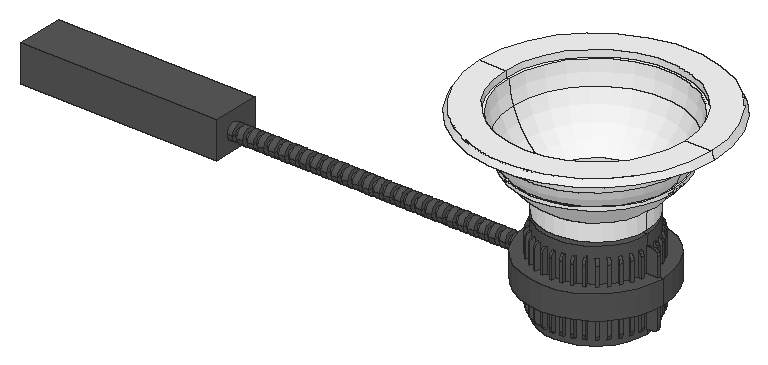
Revit family "LBRP-6RD", category Lighting Fixtures, host Face, Revit 2021
Family settings
  Host = Face
  Round Connector Dimension = Use Diameter
  Part Type = Normal
  OmniClass Number = 23.80.70.11.14.17
  OmniClass Title = Direct/Indirect
  Cut with Voids When Loaded = No
  Light Source = Yes
  Shared = Yes
  Room Calculation Point = No
Parameters (values of type "LBRP-6RD")
  Heat Sink = Black
  A = 5.65"
  Wattage = 31.6 W
  Warranty = "5-Years Warranty"
  built-in parameter 1150110 = 1 (stored number, unit not read)
  Voltage = 120 V
  D = 5.85"
  C = 0.20"
  built-in parameter 1114217 = 1 (stored number, unit not read)
  Tilt Angle = -90.00°
  built-in parameter 1150109 = 1 (stored number, unit not read)
  built-in parameter 1150134 = (empty or 0)
  built-in parameter 1150113 = 1 (stored number, unit not read)
  Product Documentation Link = ""
  Power Factor = 0.9
  Photometric Web Link = ""
  Photometric Web File = "LBRP-M-LSHL30K9_LBRP-6RD-T-D_3000lm.IES"
  Photometric Notes = "More IES files download on Photometric Web Link"  # constant formula
  zz Length 1 = 48.00"
  Wattage Comments = " 9.6 - 55 W"  # constant formula
  URL = "https://www.currentlighting.com/prescolite"
  Product Page URL = ""
  Model = "LBRP"  # constant formula
  Manufacturer = "Prescolite Lighting"  # constant formula
  built-in parameter 1150105 = 251.46 (stored number, unit not read)
  Lumens = 3160 lm
  built-in parameter 1150115 = 1 (stored number, unit not read)
  Load Classification = Lighting
  built-in parameter 1150137 = (empty or 0)
  built-in parameter 1150139 = (empty or 0)
  built-in parameter 1150112 = 1 (stored number, unit not read)
  built-in parameter 1150114 = 1 (stored number, unit not read)
  Lamp = "LED's"  # constant formula
  built-in parameter 1150132 = (empty or 0)
  built-in parameter 1150102 = (empty or 0)
  built-in parameter 1150107 = 3500 (stored number, unit not read)
  built-in parameter 1150138 = (empty or 0)
  built-in parameter 1150106 = 2.5146 (stored number, unit not read)
  Glass = White Glass
  Emit from Circle Diameter = 6.00"
  Emit Shape Visible in Rendering = no
  built-in parameter 1150104 = 9.2903 (stored number, unit not read)
  Dimming Lamp Color Temperature Shift = <None>
  Description = "PRO CANLESS DIRECT INSTALL DOWNLIGHT\r"  # constant formula
  Default Elevation = 48.00"
  Contact Us = ""
  Color Filter = 16777215
  built-in parameter 1114218 = 1 (stored number, unit not read)
  Housing Material = Paint - Matte White
  B = 7.50"
  built-in parameter 1150133 = 10 (stored number, unit not read)
  Assembly Code = "D5020200"
  Apparent Load = 11.5 VA
Reference planes (in)
  plane 1 "Center (Front/Back)": y = 13.01342
  plane 2: z = 0
  plane 3 "Center (Left/Right)": x = 0
  plane 4: z = 0.2
  plane 5: z = -5.65
  plane 6: x = 3.75
  plane 7: x = -3.75
  plane 8: x = -2.825
  plane 9: x = 2.825
Forms (in)
  Revolve 1, solid, material "Paint - Matte White" <- "Housing Material"
    sketch origin (0, 13.01342, 0) x (1, 0, 0) y (0, 0, 1)
      loop
        arc (2.73317, 0) -> (2.69501, -0.35822) -> (2.60787, -0.70778) r 2.60995
        arc (2.60787, -0.70778) -> (2.18439, -1.50664) -> (1.51374, -2.11307) r 2.60995
        line (1.51374, -2.11307) -> (1.51374, -2.63015) -> (1.26374, -2.63015) -> (1.26374, -2.74731) -> (0, -2.74731) -> (0, -2.86447) -> (1.36374, -2.86447) -> (1.36374, -2.73015) -> (1.61374, -2.73015) -> (1.61374, -2.1989)
        arc (1.61374, -2.1989) -> (2.05436, -1.83752) -> (2.40966, -1.39198) r 2.70995
        line (2.40966, -1.39198) -> (2.45678, -1.39198) -> (2.45678, -1.2841) -> (2.40063, -1.2841)
        arc (2.40063, -1.2841) -> (2.57819, -1.02597) -> (2.703, -0.73861) r 1.62762
        arc (2.703, -0.73861) -> (2.7938, -0.37383) -> (2.83324, 0) r 2.70995
        line (2.83324, 0) -> (2.73317, 0)
      axis (0, 0) -> (0, -2.86447)
    angle from 0 to 360
  Revolve 2, solid, material "Paint - Matte White" <- "Housing Material"
    sketch origin (0, 13.01342, 0) x (1, 0, 0) y (0, 0, 1)
      loop
        line (2.825, 0.2) -> (2.825, 0) -> (3.75, 0) -> (3.65674, 0.2) -> (2.825, 0.2)
      axis (0, 0.2) -> (0, 0)
    angle from 0 to 360
  Revolve 3, solid, material "Black" <- "Heat Sink"
    sketch origin (0, 13.01342, 0) x (1, 0, 0) y (0, 0, 1)
      loop
        line (1.63083, -2.84783) -> (0.86374, -2.84783) -> (0, -2.84783) -> (0, -5.65) -> (1.63083, -5.65) -> (1.63083, -4.66486) -> (2.13083, -4.66486) -> (2.13083, -3.91486) -> (1.63083, -3.91486) -> (1.63083, -2.84783)
      axis (0, -2.84783) -> (0, -5.65)
    angle from 0 to 360
  Extrusion 4, solid, material "Black" <- "Heat Sink"
    sketch origin (-0.5, 13.01342, 0) x (1, 0, 0) y (0, 0, 1)
      loop
        line (2.13083, -3.91486) -> (2.50583, -3.91486) -> (2.50583, -3.32939)
        arc (2.50583, -3.32939) -> (2.45764, -3.21305) -> (2.3413, -3.16486) r 0.16453
        line (2.3413, -3.16486) -> (2.13083, -3.16486) -> (2.13083, -3.91486)
      loop
        line (2.13083, -4.66434) -> (2.13083, -5.47684) -> (2.3413, -5.47684)
        arc (2.3413, -5.47684) -> (2.45764, -5.42865) -> (2.50583, -5.31231) r 0.16453
        line (2.50583, -5.31231) -> (2.50583, -4.66434) -> (2.13083, -4.66434)
    from -0.0248 to 0.04965
  Extrusion 5, solid, material "Black" <- "Heat Sink"
    sketch origin (0, 13.01342, 0) x (0.984808, -0.173648, 0) y (0, 0, 1)
      loop
        line (1.38083, -3.91486) -> (1.75583, -3.91486) -> (1.75583, -3.32939)
        arc (1.75583, -3.32939) -> (1.70764, -3.21305) -> (1.5913, -3.16486) r 0.16453
        line (1.5913, -3.16486) -> (1.38083, -3.16486) -> (1.38083, -3.91486)
      loop
        line (1.38083, -4.66434) -> (1.38083, -5.47684) -> (1.5913, -5.47684)
        arc (1.5913, -5.47684) -> (1.70764, -5.42865) -> (1.75583, -5.31231) r 0.16453
        line (1.75583, -5.31231) -> (1.75583, -4.66434) -> (1.38083, -4.66434)
    from -0.0248 to 0.04965
  Extrusion 6, solid, material "Black" <- "Heat Sink"
    sketch origin (0, 13.01342, 0) x (0.939693, -0.34202, 0) y (0, 0, 1)
      loop
        line (1.38083, -3.91486) -> (1.75583, -3.91486) -> (1.75583, -3.32939)
        arc (1.75583, -3.32939) -> (1.70764, -3.21305) -> (1.5913, -3.16486) r 0.16453
        line (1.5913, -3.16486) -> (1.38083, -3.16486) -> (1.38083, -3.91486)
      loop
        line (1.38083, -4.66434) -> (1.38083, -5.47684) -> (1.5913, -5.47684)
        arc (1.5913, -5.47684) -> (1.70764, -5.42865) -> (1.75583, -5.31231) r 0.16453
        line (1.75583, -5.31231) -> (1.75583, -4.66434) -> (1.38083, -4.66434)
    from -0.0248 to 0.04965
  Extrusion 7, solid, material "Black" <- "Heat Sink"
    sketch origin (0, 13.01342, 0) x (0.866025, -0.5, 0) y (0, 0, 1)
      loop
        line (1.38083, -3.91486) -> (1.75583, -3.91486) -> (1.75583, -3.32939)
        arc (1.75583, -3.32939) -> (1.70764, -3.21305) -> (1.5913, -3.16486) r 0.16453
        line (1.5913, -3.16486) -> (1.38083, -3.16486) -> (1.38083, -3.91486)
      loop
        line (1.38083, -4.66434) -> (1.38083, -5.47684) -> (1.5913, -5.47684)
        arc (1.5913, -5.47684) -> (1.70764, -5.42865) -> (1.75583, -5.31231) r 0.16453
        line (1.75583, -5.31231) -> (1.75583, -4.66434) -> (1.38083, -4.66434)
    from -0.0248 to 0.04965
  Extrusion 8, solid, material "Black" <- "Heat Sink"
    sketch origin (0, 13.01342, 0) x (0.766044, -0.642788, 0) y (0, 0, 1)
      loop
        line (1.38083, -3.91486) -> (1.75583, -3.91486) -> (1.75583, -3.32939)
        arc (1.75583, -3.32939) -> (1.70764, -3.21305) -> (1.5913, -3.16486) r 0.16453
        line (1.5913, -3.16486) -> (1.38083, -3.16486) -> (1.38083, -3.91486)
      loop
        line (1.38083, -4.66434) -> (1.38083, -5.47684) -> (1.5913, -5.47684)
        arc (1.5913, -5.47684) -> (1.70764, -5.42865) -> (1.75583, -5.31231) r 0.16453
        line (1.75583, -5.31231) -> (1.75583, -4.66434) -> (1.38083, -4.66434)
    from -0.0248 to 0.04965
  Extrusion 9, solid, material "Black" <- "Heat Sink"
    sketch origin (0, 13.01342, 0) x (0.642788, -0.766044, 0) y (0, 0, 1)
      loop
        line (1.38083, -3.91486) -> (1.75583, -3.91486) -> (1.75583, -3.32939)
        arc (1.75583, -3.32939) -> (1.70764, -3.21305) -> (1.5913, -3.16486) r 0.16453
        line (1.5913, -3.16486) -> (1.38083, -3.16486) -> (1.38083, -3.91486)
      loop
        line (1.38083, -4.66434) -> (1.38083, -5.47684) -> (1.5913, -5.47684)
        arc (1.5913, -5.47684) -> (1.70764, -5.42865) -> (1.75583, -5.31231) r 0.16453
        line (1.75583, -5.31231) -> (1.75583, -4.66434) -> (1.38083, -4.66434)
    from -0.0248 to 0.04965
  Extrusion 10, solid, material "Black" <- "Heat Sink"
    sketch origin (0, 13.01342, 0) x (0.5, -0.866025, 0) y (0, 0, 1)
      loop
        line (1.38083, -3.91486) -> (1.75583, -3.91486) -> (1.75583, -3.32939)
        arc (1.75583, -3.32939) -> (1.70764, -3.21305) -> (1.5913, -3.16486) r 0.16453
        line (1.5913, -3.16486) -> (1.38083, -3.16486) -> (1.38083, -3.91486)
      loop
        line (1.38083, -4.66434) -> (1.38083, -5.47684) -> (1.5913, -5.47684)
        arc (1.5913, -5.47684) -> (1.70764, -5.42865) -> (1.75583, -5.31231) r 0.16453
        line (1.75583, -5.31231) -> (1.75583, -4.66434) -> (1.38083, -4.66434)
    from -0.0248 to 0.04965
  Extrusion 11, solid, material "Black" <- "Heat Sink"
    sketch origin (0, 13.01342, 0) x (0.34202, -0.939693, 0) y (0, 0, 1)
      loop
        line (1.38083, -3.91486) -> (1.75583, -3.91486) -> (1.75583, -3.32939)
        arc (1.75583, -3.32939) -> (1.70764, -3.21305) -> (1.5913, -3.16486) r 0.16453
        line (1.5913, -3.16486) -> (1.38083, -3.16486) -> (1.38083, -3.91486)
      loop
        line (1.38083, -4.66434) -> (1.38083, -5.47684) -> (1.5913, -5.47684)
        arc (1.5913, -5.47684) -> (1.70764, -5.42865) -> (1.75583, -5.31231) r 0.16453
        line (1.75583, -5.31231) -> (1.75583, -4.66434) -> (1.38083, -4.66434)
    from -0.0248 to 0.04965
  Extrusion 12, solid, material "Black" <- "Heat Sink"
    sketch origin (0, 13.01342, 0) x (0.173648, -0.984808, 0) y (0, 0, 1)
      loop
        line (1.38083, -3.91486) -> (1.75583, -3.91486) -> (1.75583, -3.32939)
        arc (1.75583, -3.32939) -> (1.70764, -3.21305) -> (1.5913, -3.16486) r 0.16453
        line (1.5913, -3.16486) -> (1.38083, -3.16486) -> (1.38083, -3.91486)
      loop
        line (1.38083, -4.66434) -> (1.38083, -5.47684) -> (1.5913, -5.47684)
        arc (1.5913, -5.47684) -> (1.70764, -5.42865) -> (1.75583, -5.31231) r 0.16453
        line (1.75583, -5.31231) -> (1.75583, -4.66434) -> (1.38083, -4.66434)
    from -0.0248 to 0.04965
  Extrusion 13, solid, material "Black" <- "Heat Sink"
    sketch origin (0, 13.01342, 0) x (0, -1, 0) y (0, 0, 1)
      loop
        line (1.38083, -3.91486) -> (1.75583, -3.91486) -> (1.75583, -3.32939)
        arc (1.75583, -3.32939) -> (1.70764, -3.21305) -> (1.5913, -3.16486) r 0.16453
        line (1.5913, -3.16486) -> (1.38083, -3.16486) -> (1.38083, -3.91486)
      loop
        line (1.38083, -4.66434) -> (1.38083, -5.47684) -> (1.5913, -5.47684)
        arc (1.5913, -5.47684) -> (1.70764, -5.42865) -> (1.75583, -5.31231) r 0.16453
        line (1.75583, -5.31231) -> (1.75583, -4.66434) -> (1.38083, -4.66434)
    from -0.0248 to 0.04965
  Extrusion 14, solid, material "Black" <- "Heat Sink"
    sketch origin (0, 13.01342, 0) x (-0.173648, -0.984808, 0) y (0, 0, 1)
      loop
        line (1.38083, -3.91486) -> (1.75583, -3.91486) -> (1.75583, -3.32939)
        arc (1.75583, -3.32939) -> (1.70764, -3.21305) -> (1.5913, -3.16486) r 0.16453
        line (1.5913, -3.16486) -> (1.38083, -3.16486) -> (1.38083, -3.91486)
      loop
        line (1.38083, -4.66434) -> (1.38083, -5.47684) -> (1.5913, -5.47684)
        arc (1.5913, -5.47684) -> (1.70764, -5.42865) -> (1.75583, -5.31231) r 0.16453
        line (1.75583, -5.31231) -> (1.75583, -4.66434) -> (1.38083, -4.66434)
    from -0.0248 to 0.04965
  Extrusion 15, solid, material "Black" <- "Heat Sink"
    sketch origin (0, 13.01342, 0) x (-0.34202, -0.939693, 0) y (0, 0, 1)
      loop
        line (1.38083, -3.91486) -> (1.75583, -3.91486) -> (1.75583, -3.32939)
        arc (1.75583, -3.32939) -> (1.70764, -3.21305) -> (1.5913, -3.16486) r 0.16453
        line (1.5913, -3.16486) -> (1.38083, -3.16486) -> (1.38083, -3.91486)
      loop
        line (1.38083, -4.66434) -> (1.38083, -5.47684) -> (1.5913, -5.47684)
        arc (1.5913, -5.47684) -> (1.70764, -5.42865) -> (1.75583, -5.31231) r 0.16453
        line (1.75583, -5.31231) -> (1.75583, -4.66434) -> (1.38083, -4.66434)
    from -0.0248 to 0.04965
  Extrusion 16, solid, material "Black" <- "Heat Sink"
    sketch origin (0, 13.01342, 0) x (-0.5, -0.866025, 0) y (0, 0, 1)
      loop
        line (1.38083, -3.91486) -> (1.75583, -3.91486) -> (1.75583, -3.32939)
        arc (1.75583, -3.32939) -> (1.70764, -3.21305) -> (1.5913, -3.16486) r 0.16453
        line (1.5913, -3.16486) -> (1.38083, -3.16486) -> (1.38083, -3.91486)
      loop
        line (1.38083, -4.66434) -> (1.38083, -5.47684) -> (1.5913, -5.47684)
        arc (1.5913, -5.47684) -> (1.70764, -5.42865) -> (1.75583, -5.31231) r 0.16453
        line (1.75583, -5.31231) -> (1.75583, -4.66434) -> (1.38083, -4.66434)
    from -0.0248 to 0.04965
  Extrusion 17, solid, material "Black" <- "Heat Sink"
    sketch origin (0, 13.01342, 0) x (-0.642788, -0.766044, 0) y (0, 0, 1)
      loop
        line (1.38083, -3.91486) -> (1.75583, -3.91486) -> (1.75583, -3.32939)
        arc (1.75583, -3.32939) -> (1.70764, -3.21305) -> (1.5913, -3.16486) r 0.16453
        line (1.5913, -3.16486) -> (1.38083, -3.16486) -> (1.38083, -3.91486)
      loop
        line (1.38083, -4.66434) -> (1.38083, -5.47684) -> (1.5913, -5.47684)
        arc (1.5913, -5.47684) -> (1.70764, -5.42865) -> (1.75583, -5.31231) r 0.16453
        line (1.75583, -5.31231) -> (1.75583, -4.66434) -> (1.38083, -4.66434)
    from -0.0248 to 0.04965
  Extrusion 18, solid, material "Black" <- "Heat Sink"
    sketch origin (0, 13.01342, 0) x (-0.766044, -0.642788, 0) y (0, 0, 1)
      loop
        line (1.38083, -3.91486) -> (1.75583, -3.91486) -> (1.75583, -3.32939)
        arc (1.75583, -3.32939) -> (1.70764, -3.21305) -> (1.5913, -3.16486) r 0.16453
        line (1.5913, -3.16486) -> (1.38083, -3.16486) -> (1.38083, -3.91486)
      loop
        line (1.38083, -4.66434) -> (1.38083, -5.47684) -> (1.5913, -5.47684)
        arc (1.5913, -5.47684) -> (1.70764, -5.42865) -> (1.75583, -5.31231) r 0.16453
        line (1.75583, -5.31231) -> (1.75583, -4.66434) -> (1.38083, -4.66434)
    from -0.0248 to 0.04965
  Extrusion 19, solid, material "Black" <- "Heat Sink"
    sketch origin (0, 13.01342, 0) x (-0.866025, -0.5, 0) y (0, 0, 1)
      loop
        line (1.38083, -3.91486) -> (1.75583, -3.91486) -> (1.75583, -3.32939)
        arc (1.75583, -3.32939) -> (1.70764, -3.21305) -> (1.5913, -3.16486) r 0.16453
        line (1.5913, -3.16486) -> (1.38083, -3.16486) -> (1.38083, -3.91486)
      loop
        line (1.38083, -4.66434) -> (1.38083, -5.47684) -> (1.5913, -5.47684)
        arc (1.5913, -5.47684) -> (1.70764, -5.42865) -> (1.75583, -5.31231) r 0.16453
        line (1.75583, -5.31231) -> (1.75583, -4.66434) -> (1.38083, -4.66434)
    from -0.0248 to 0.04965
  Extrusion 20, solid, material "Black" <- "Heat Sink"
    sketch origin (0.5, 13.01342, 0) x (-1, 0, 0) y (0, 0, -1)
      loop
        line (2.13083, 3.91486) -> (2.13083, 3.16486) -> (2.3413, 3.16486)
        arc (2.3413, 3.16486) -> (2.45764, 3.21305) -> (2.50583, 3.32939) r 0.16453
        line (2.50583, 3.32939) -> (2.50583, 3.91486) -> (2.13083, 3.91486)
      loop
        line (2.13083, 4.66434) -> (2.50583, 4.66434) -> (2.50583, 5.31231)
        arc (2.50583, 5.31231) -> (2.45764, 5.42865) -> (2.3413, 5.47684) r 0.16453
        line (2.3413, 5.47684) -> (2.13083, 5.47684) -> (2.13083, 4.66434)
    from -0.0248 to 0.04965
  Extrusion 21, solid, material "Black" <- "Heat Sink"
    sketch origin (0, 13.01342, 0) x (-0.984808, -0.173648, 0) y (0, 0, -1)
      loop
        line (1.38083, 3.91486) -> (1.38083, 3.16486) -> (1.5913, 3.16486)
        arc (1.5913, 3.16486) -> (1.70764, 3.21305) -> (1.75583, 3.32939) r 0.16453
        line (1.75583, 3.32939) -> (1.75583, 3.91486) -> (1.38083, 3.91486)
      loop
        line (1.38083, 4.66434) -> (1.75583, 4.66434) -> (1.75583, 5.31231)
        arc (1.75583, 5.31231) -> (1.70764, 5.42865) -> (1.5913, 5.47684) r 0.16453
        line (1.5913, 5.47684) -> (1.38083, 5.47684) -> (1.38083, 4.66434)
    from -0.0248 to 0.04965
  Extrusion 22, solid, material "Black" <- "Heat Sink"
    sketch origin (0, 13.01342, 0) x (-0.939693, -0.34202, 0) y (0, 0, -1)
      loop
        line (1.38083, 3.91486) -> (1.38083, 3.16486) -> (1.5913, 3.16486)
        arc (1.5913, 3.16486) -> (1.70764, 3.21305) -> (1.75583, 3.32939) r 0.16453
        line (1.75583, 3.32939) -> (1.75583, 3.91486) -> (1.38083, 3.91486)
      loop
        line (1.38083, 4.66434) -> (1.75583, 4.66434) -> (1.75583, 5.31231)
        arc (1.75583, 5.31231) -> (1.70764, 5.42865) -> (1.5913, 5.47684) r 0.16453
        line (1.5913, 5.47684) -> (1.38083, 5.47684) -> (1.38083, 4.66434)
    from -0.0248 to 0.04965
  Extrusion 23, solid, material "Black" <- "Heat Sink"
    sketch origin (0, 13.01342, 0) x (0.984808, 0.173648, 0) y (0, 0, -1)
      loop
        line (1.38083, 3.91486) -> (1.38083, 3.16486) -> (1.5913, 3.16486)
        arc (1.5913, 3.16486) -> (1.70764, 3.21305) -> (1.75583, 3.32939) r 0.16453
        line (1.75583, 3.32939) -> (1.75583, 3.91486) -> (1.38083, 3.91486)
      loop
        line (1.38083, 4.66434) -> (1.75583, 4.66434) -> (1.75583, 5.31231)
        arc (1.75583, 5.31231) -> (1.70764, 5.42865) -> (1.5913, 5.47684) r 0.16453
        line (1.5913, 5.47684) -> (1.38083, 5.47684) -> (1.38083, 4.66434)
    from -0.0248 to 0.04965
  Extrusion 24, solid, material "Black" <- "Heat Sink"
    sketch origin (0, 13.01342, 0) x (0.939693, 0.34202, 0) y (0, 0, -1)
      loop
        line (1.38083, 3.91486) -> (1.38083, 3.16486) -> (1.5913, 3.16486)
        arc (1.5913, 3.16486) -> (1.70764, 3.21305) -> (1.75583, 3.32939) r 0.16453
        line (1.75583, 3.32939) -> (1.75583, 3.91486) -> (1.38083, 3.91486)
      loop
        line (1.38083, 4.66434) -> (1.75583, 4.66434) -> (1.75583, 5.31231)
        arc (1.75583, 5.31231) -> (1.70764, 5.42865) -> (1.5913, 5.47684) r 0.16453
        line (1.5913, 5.47684) -> (1.38083, 5.47684) -> (1.38083, 4.66434)
    from -0.0248 to 0.04965
  Extrusion 25, solid, material "Black" <- "Heat Sink"
    sketch origin (0, 13.01342, 0) x (0.866025, 0.5, 0) y (0, 0, -1)
      loop
        line (1.38083, 3.91486) -> (1.38083, 3.16486) -> (1.5913, 3.16486)
        arc (1.5913, 3.16486) -> (1.70764, 3.21305) -> (1.75583, 3.32939) r 0.16453
        line (1.75583, 3.32939) -> (1.75583, 3.91486) -> (1.38083, 3.91486)
      loop
        line (1.38083, 4.66434) -> (1.75583, 4.66434) -> (1.75583, 5.31231)
        arc (1.75583, 5.31231) -> (1.70764, 5.42865) -> (1.5913, 5.47684) r 0.16453
        line (1.5913, 5.47684) -> (1.38083, 5.47684) -> (1.38083, 4.66434)
    from -0.0248 to 0.04965
  Extrusion 26, solid, material "Black" <- "Heat Sink"
    sketch origin (0, 13.01342, 0) x (0.766044, 0.642788, 0) y (0, 0, -1)
      loop
        line (1.38083, 3.91486) -> (1.38083, 3.16486) -> (1.5913, 3.16486)
        arc (1.5913, 3.16486) -> (1.70764, 3.21305) -> (1.75583, 3.32939) r 0.16453
        line (1.75583, 3.32939) -> (1.75583, 3.91486) -> (1.38083, 3.91486)
      loop
        line (1.38083, 4.66434) -> (1.75583, 4.66434) -> (1.75583, 5.31231)
        arc (1.75583, 5.31231) -> (1.70764, 5.42865) -> (1.5913, 5.47684) r 0.16453
        line (1.5913, 5.47684) -> (1.38083, 5.47684) -> (1.38083, 4.66434)
    from -0.0248 to 0.04965
  Extrusion 27, solid, material "Black" <- "Heat Sink"
    sketch origin (0, 13.01342, 0) x (0.642788, 0.766044, 0) y (0, 0, -1)
      loop
        line (1.38083, 3.91486) -> (1.38083, 3.16486) -> (1.5913, 3.16486)
        arc (1.5913, 3.16486) -> (1.70764, 3.21305) -> (1.75583, 3.32939) r 0.16453
        line (1.75583, 3.32939) -> (1.75583, 3.91486) -> (1.38083, 3.91486)
      loop
        line (1.38083, 4.66434) -> (1.75583, 4.66434) -> (1.75583, 5.31231)
        arc (1.75583, 5.31231) -> (1.70764, 5.42865) -> (1.5913, 5.47684) r 0.16453
        line (1.5913, 5.47684) -> (1.38083, 5.47684) -> (1.38083, 4.66434)
    from -0.0248 to 0.04965
  Extrusion 28, solid, material "Black" <- "Heat Sink"
    sketch origin (0, 13.01342, 0) x (0.5, 0.866025, 0) y (0, 0, -1)
      loop
        line (1.38083, 3.91486) -> (1.38083, 3.16486) -> (1.5913, 3.16486)
        arc (1.5913, 3.16486) -> (1.70764, 3.21305) -> (1.75583, 3.32939) r 0.16453
        line (1.75583, 3.32939) -> (1.75583, 3.91486) -> (1.38083, 3.91486)
      loop
        line (1.38083, 4.66434) -> (1.75583, 4.66434) -> (1.75583, 5.31231)
        arc (1.75583, 5.31231) -> (1.70764, 5.42865) -> (1.5913, 5.47684) r 0.16453
        line (1.5913, 5.47684) -> (1.38083, 5.47684) -> (1.38083, 4.66434)
    from -0.0248 to 0.04965
  Extrusion 29, solid, material "Black" <- "Heat Sink"
    sketch origin (0, 13.01342, 0) x (0.34202, 0.939693, 0) y (0, 0, -1)
      loop
        line (1.38083, 3.91486) -> (1.38083, 3.16486) -> (1.5913, 3.16486)
        arc (1.5913, 3.16486) -> (1.70764, 3.21305) -> (1.75583, 3.32939) r 0.16453
        line (1.75583, 3.32939) -> (1.75583, 3.91486) -> (1.38083, 3.91486)
      loop
        line (1.38083, 4.66434) -> (1.75583, 4.66434) -> (1.75583, 5.31231)
        arc (1.75583, 5.31231) -> (1.70764, 5.42865) -> (1.5913, 5.47684) r 0.16453
        line (1.5913, 5.47684) -> (1.38083, 5.47684) -> (1.38083, 4.66434)
    from -0.0248 to 0.04965
  Extrusion 30, solid, material "Black" <- "Heat Sink"
    sketch origin (0, 13.01342, 0) x (0.173648, 0.984808, 0) y (0, 0, -1)
      loop
        line (1.38083, 3.91486) -> (1.38083, 3.16486) -> (1.5913, 3.16486)
        arc (1.5913, 3.16486) -> (1.70764, 3.21305) -> (1.75583, 3.32939) r 0.16453
        line (1.75583, 3.32939) -> (1.75583, 3.91486) -> (1.38083, 3.91486)
      loop
        line (1.38083, 4.66434) -> (1.75583, 4.66434) -> (1.75583, 5.31231)
        arc (1.75583, 5.31231) -> (1.70764, 5.42865) -> (1.5913, 5.47684) r 0.16453
        line (1.5913, 5.47684) -> (1.38083, 5.47684) -> (1.38083, 4.66434)
    from -0.0248 to 0.04965
  Extrusion 31, solid, material "Black" <- "Heat Sink"
    sketch origin (0, 13.01342, 0) x (0, 1, 0) y (0, 0, -1)
      loop
        line (1.38083, 3.91486) -> (1.38083, 3.16486) -> (1.5913, 3.16486)
        arc (1.5913, 3.16486) -> (1.70764, 3.21305) -> (1.75583, 3.32939) r 0.16453
        line (1.75583, 3.32939) -> (1.75583, 3.91486) -> (1.38083, 3.91486)
      loop
        line (1.38083, 4.66434) -> (1.75583, 4.66434) -> (1.75583, 5.31231)
        arc (1.75583, 5.31231) -> (1.70764, 5.42865) -> (1.5913, 5.47684) r 0.16453
        line (1.5913, 5.47684) -> (1.38083, 5.47684) -> (1.38083, 4.66434)
    from -0.0248 to 0.04965
  Extrusion 32, solid, material "Black" <- "Heat Sink"
    sketch origin (0, 13.01342, 0) x (-0.173648, 0.984808, 0) y (0, 0, -1)
      loop
        line (1.38083, 3.91486) -> (1.38083, 3.16486) -> (1.5913, 3.16486)
        arc (1.5913, 3.16486) -> (1.70764, 3.21305) -> (1.75583, 3.32939) r 0.16453
        line (1.75583, 3.32939) -> (1.75583, 3.91486) -> (1.38083, 3.91486)
      loop
        line (1.38083, 4.66434) -> (1.75583, 4.66434) -> (1.75583, 5.31231)
        arc (1.75583, 5.31231) -> (1.70764, 5.42865) -> (1.5913, 5.47684) r 0.16453
        line (1.5913, 5.47684) -> (1.38083, 5.47684) -> (1.38083, 4.66434)
    from -0.0248 to 0.04965
  Extrusion 33, solid, material "Black" <- "Heat Sink"
    sketch origin (0, 13.01342, 0) x (-0.34202, 0.939693, 0) y (0, 0, -1)
      loop
        line (1.38083, 3.91486) -> (1.38083, 3.16486) -> (1.5913, 3.16486)
        arc (1.5913, 3.16486) -> (1.70764, 3.21305) -> (1.75583, 3.32939) r 0.16453
        line (1.75583, 3.32939) -> (1.75583, 3.91486) -> (1.38083, 3.91486)
      loop
        line (1.38083, 4.66434) -> (1.75583, 4.66434) -> (1.75583, 5.31231)
        arc (1.75583, 5.31231) -> (1.70764, 5.42865) -> (1.5913, 5.47684) r 0.16453
        line (1.5913, 5.47684) -> (1.38083, 5.47684) -> (1.38083, 4.66434)
    from -0.0248 to 0.04965
  Extrusion 34, solid, material "Black" <- "Heat Sink"
    sketch origin (0, 13.01342, 0) x (-0.5, 0.866025, 0) y (0, 0, -1)
      loop
        line (1.38083, 3.91486) -> (1.38083, 3.16486) -> (1.5913, 3.16486)
        arc (1.5913, 3.16486) -> (1.70764, 3.21305) -> (1.75583, 3.32939) r 0.16453
        line (1.75583, 3.32939) -> (1.75583, 3.91486) -> (1.38083, 3.91486)
      loop
        line (1.38083, 4.66434) -> (1.75583, 4.66434) -> (1.75583, 5.31231)
        arc (1.75583, 5.31231) -> (1.70764, 5.42865) -> (1.5913, 5.47684) r 0.16453
        line (1.5913, 5.47684) -> (1.38083, 5.47684) -> (1.38083, 4.66434)
    from -0.0248 to 0.04965
  Extrusion 35, solid, material "Black" <- "Heat Sink"
    sketch origin (0, 13.01342, 0) x (-0.642788, 0.766044, 0) y (0, 0, -1)
      loop
        line (1.38083, 3.91486) -> (1.38083, 3.16486) -> (1.5913, 3.16486)
        arc (1.5913, 3.16486) -> (1.70764, 3.21305) -> (1.75583, 3.32939) r 0.16453
        line (1.75583, 3.32939) -> (1.75583, 3.91486) -> (1.38083, 3.91486)
      loop
        line (1.38083, 4.66434) -> (1.75583, 4.66434) -> (1.75583, 5.31231)
        arc (1.75583, 5.31231) -> (1.70764, 5.42865) -> (1.5913, 5.47684) r 0.16453
        line (1.5913, 5.47684) -> (1.38083, 5.47684) -> (1.38083, 4.66434)
    from -0.0248 to 0.04965
  Extrusion 36, solid, material "Black" <- "Heat Sink"
    sketch origin (0, 13.01342, 0) x (-0.766044, 0.642788, 0) y (0, 0, -1)
      loop
        line (1.38083, 3.91486) -> (1.38083, 3.16486) -> (1.5913, 3.16486)
        arc (1.5913, 3.16486) -> (1.70764, 3.21305) -> (1.75583, 3.32939) r 0.16453
        line (1.75583, 3.32939) -> (1.75583, 3.91486) -> (1.38083, 3.91486)
      loop
        line (1.38083, 4.66434) -> (1.75583, 4.66434) -> (1.75583, 5.31231)
        arc (1.75583, 5.31231) -> (1.70764, 5.42865) -> (1.5913, 5.47684) r 0.16453
        line (1.5913, 5.47684) -> (1.38083, 5.47684) -> (1.38083, 4.66434)
    from -0.0248 to 0.04965
  Extrusion 37, solid, material "Black" <- "Heat Sink"
    sketch origin (0, 13.01342, 0) x (-0.866025, 0.5, 0) y (0, 0, -1)
      loop
        line (1.38083, 3.91486) -> (1.38083, 3.16486) -> (1.5913, 3.16486)
        arc (1.5913, 3.16486) -> (1.70764, 3.21305) -> (1.75583, 3.32939) r 0.16453
        line (1.75583, 3.32939) -> (1.75583, 3.91486) -> (1.38083, 3.91486)
      loop
        line (1.38083, 4.66434) -> (1.75583, 4.66434) -> (1.75583, 5.31231)
        arc (1.75583, 5.31231) -> (1.70764, 5.42865) -> (1.5913, 5.47684) r 0.16453
        line (1.5913, 5.47684) -> (1.38083, 5.47684) -> (1.38083, 4.66434)
    from -0.0248 to 0.04965
  Extrusion 38, solid, material "Black" <- "Heat Sink"
    sketch origin (0, 13.01342, 0) x (-0.984808, 0.173648, 0) y (0, 0, 1)
      loop
        line (1.38083, -3.91486) -> (1.75583, -3.91486) -> (1.75583, -3.32939)
        arc (1.75583, -3.32939) -> (1.70764, -3.21305) -> (1.5913, -3.16486) r 0.16453
        line (1.5913, -3.16486) -> (1.38083, -3.16486) -> (1.38083, -3.91486)
      loop
        line (1.38083, -4.66434) -> (1.38083, -5.47684) -> (1.5913, -5.47684)
        arc (1.5913, -5.47684) -> (1.70764, -5.42865) -> (1.75583, -5.31231) r 0.16453
        line (1.75583, -5.31231) -> (1.75583, -4.66434) -> (1.38083, -4.66434)
    from -0.0248 to 0.04965
  Extrusion 39, solid, material "Black" <- "Heat Sink"
    sketch origin (0, 13.01342, 0) x (-0.939693, 0.34202, 0) y (0, 0, 1)
      loop
        line (1.38083, -3.91486) -> (1.75583, -3.91486) -> (1.75583, -3.32939)
        arc (1.75583, -3.32939) -> (1.70764, -3.21305) -> (1.5913, -3.16486) r 0.16453
        line (1.5913, -3.16486) -> (1.38083, -3.16486) -> (1.38083, -3.91486)
      loop
        line (1.38083, -4.66434) -> (1.38083, -5.47684) -> (1.5913, -5.47684)
        arc (1.5913, -5.47684) -> (1.70764, -5.42865) -> (1.75583, -5.31231) r 0.16453
        line (1.75583, -5.31231) -> (1.75583, -4.66434) -> (1.38083, -4.66434)
    from -0.0248 to 0.04965
  Revolve 40, solid, material "Black" <- "Heat Sink"
    sketch origin (1.75, 0, -4.5) x (1, 0, 0) y (0, 1, 0)
      loop
        line (-13.15674, 13.01342) -> (-3.63494, 13.01342) -> (-3.63494, 13.16148) -> (-3.73144, 13.16148) -> (-3.73144, 13.26342) -> (-3.9192, 13.26342) -> (-3.9192, 13.16148) -> (-4.06136, 13.16148) -> (-4.06136, 13.26342) -> (-4.24911, 13.26342) -> (-4.24911, 13.16148) -> (-4.39127, 13.16148) -> (-4.39127, 13.26342) -> (-4.57902, 13.26342) -> (-4.57902, 13.16148) -> (-4.72118, 13.16148) -> (-4.72118, 13.26342) -> (-4.90894, 13.26342) -> (-4.90894, 13.16148) -> (-5.05109, 13.16148) -> (-5.05109, 13.26342) -> (-5.23885, 13.26342) -> (-5.23885, 13.16148) -> (-5.38101, 13.16148) -> (-5.38101, 13.26342) -> (-5.56876, 13.26342) -> (-5.56876, 13.16148) -> (-5.71092, 13.16148) -> (-5.71092, 13.26342) -> (-5.89867, 13.26342) -> (-5.89867, 13.16148) -> (-6.04083, 13.16148) -> (-6.04083, 13.26342) -> (-6.22859, 13.26342) -> (-6.22859, 13.16148) -> (-6.37074, 13.16148) -> (-6.37074, 13.26342) -> (-6.5585, 13.26342) -> (-6.5585, 13.16148) -> (-6.70065, 13.16148) -> (-6.70065, 13.26342) -> (-6.88841, 13.26342) -> (-6.88841, 13.16148) -> (-7.03057, 13.16148) -> (-7.03057, 13.26342) -> (-7.21832, 13.26342) -> (-7.21832, 13.16148) -> (-7.36048, 13.16148) -> (-7.36048, 13.26342) -> (-7.54823, 13.26342) -> (-7.54823, 13.16148) -> (-7.69039, 13.16148) -> (-7.69039, 13.26342) -> (-7.87815, 13.26342) -> (-7.87815, 13.16148) -> (-8.0203, 13.16148) -> (-8.0203, 13.26342) -> (-8.20806, 13.26342) -> (-8.20806, 13.16148) -> (-8.35021, 13.16148) -> (-8.35021, 13.26342) -> (-8.53797, 13.26342) -> (-8.53797, 13.16148) -> (-8.68013, 13.16148) -> (-8.68013, 13.26342) -> (-8.86788, 13.26342) -> (-8.86788, 13.16148) -> (-9.01004, 13.16148) -> (-9.01004, 13.26342) -> (-9.19779, 13.26342) -> (-9.19779, 13.16148) -> (-9.33995, 13.16148) -> (-9.33995, 13.26342) -> (-9.52771, 13.26342) -> (-9.52771, 13.16148) -> (-9.66986, 13.16148) -> (-9.66986, 13.26342) -> (-9.85762, 13.26342) -> (-9.85762, 13.16148) -> (-9.99977, 13.16148) -> (-9.99977, 13.26342) -> (-10.18753, 13.26342) -> (-10.18753, 13.16148) -> (-10.32969, 13.16148) -> (-10.32969, 13.26342) -> (-10.51744, 13.26342) -> (-10.51744, 13.16148) -> (-10.6596, 13.16148) -> (-10.6596, 13.26342) -> (-10.84735, 13.26342) -> (-10.84735, 13.16148) -> (-10.98951, 13.16148) -> (-10.98951, 13.26342) -> (-11.17727, 13.26342) -> (-11.17727, 13.16148) -> (-11.31942, 13.16148) -> (-11.31942, 13.26342) -> (-11.50718, 13.26342) -> (-11.50718, 13.16148) -> (-11.64933, 13.16148) -> (-11.64933, 13.26342) -> (-11.83709, 13.26342) -> (-11.83709, 13.16148) -> (-11.97925, 13.16148) -> (-11.97925, 13.26342) -> (-12.167, 13.26342) -> (-12.167, 13.16148) -> (-12.30916, 13.16148) -> (-12.30916, 13.26342) -> (-12.49691, 13.26342) -> (-12.49691, 13.16148) -> (-12.63907, 13.16148) -> (-12.63907, 13.26342) -> (-12.82683, 13.26342) -> (-12.82683, 13.16148) -> (-12.96898, 13.16148) -> (-12.96898, 13.26342) -> (-13.15674, 13.26342) -> (-13.15674, 13.01342)
      axis (-3.63494, 13.01342) -> (-13.15674, 13.01342)
    angle from 0 to 360
  Extrusion 41, solid, material "Black" <- "Heat Sink"
    sketch origin (1.80079, 0, -5.07) x (1, 0, 0) y (0, 1, 0)
      loop
        line (-13.20752, 13.86765) -> (-19.37752, 13.86765) -> (-19.37752, 12.36765) -> (-13.20752, 12.36765) -> (-13.20752, 13.86765)
    from 0 to 1.14
Dimensions and locks (in)
  "D": plane 4 to plane 5
  plane 4 to plane 2 = 0.20"
  equal spacing: plane 6, plane 3 "Center (Left/Right)", plane 7
  "B": plane 6 to plane 7
  equal spacing: plane 9, plane 3 "Center (Left/Right)", plane 8
  "A": plane 9 to plane 8
  aligned and locked: plane 2 to host face
  aligned and locked: level to host face
  aligned and locked: plane 3 "Center (Left/Right)" to imposter light
Automatic sketch dimensions
  host sketch curve to host sketch curve = 96.00"  (x2)
  Revolve 1 sketch curve to Revolve 1 sketch curve = 0.00"  (x9)
  Revolve 1 sketch curve to Revolve 1 sketch curve = 0.03125"  (x3)
  Revolve 1 sketch curve to plane 3 "Center (Left/Right)" = 0.00"
  plane 3 "Center (Left/Right)" to Revolve 1 sketch curve = 0.00"
  Revolve 1 sketch curve to level = 0.00"
  level to Revolve 1 sketch curve = 0.0655"
  plane 3 "Center (Left/Right)" to Revolve 1 sketch curve = 0.12502"
  Revolve 1 sketch curve to level = 0.23688"
  plane 3 "Center (Left/Right)" to Revolve 1 sketch curve = 1.15464"
  plane 3 "Center (Left/Right)" to Revolve 1 sketch curve = 1.26374"
  Revolve 1 sketch curve to Revolve 1 sketch curve = 0.10"  (x3)
  Revolve 1 sketch curve to Revolve 1 sketch curve = 0.25"
  Revolve 1 sketch curve to plane 9 = 0.41534"
  Revolve 1 sketch curve to Revolve 1 sketch curve = 0.00903"
  Revolve 1 sketch curve to Revolve 1 sketch curve = 0.05614"
  Revolve 1 sketch curve to plane 9 = 0.09183"
  Revolve 1 sketch curve to Revolve 1 sketch curve = 0.10007"
  Revolve 1 sketch curve to Revolve 1 sketch curve = 0.08584"
  Revolve 1 sketch curve to Revolve 1 sketch curve = 0.43125"
  Revolve 1 sketch curve to Revolve 1 sketch curve = 0.11716"
  Revolve 1 sketch curve to Revolve 1 sketch curve = 0.13432"
  Revolve 1 sketch curve to Revolve 1 sketch curve = 0.10788"
  Revolve 1 sketch curve to plane 9 = 0.21713"
  Revolve 1 sketch curve to plane 5 = 23.03"
  plane 4 to Revolve 1 sketch curve = 54.18668"
  plane 3 "Center (Left/Right)" to Revolve 2 sketch curve = 0.00"
  Revolve 2 sketch curve to plane 4 = 0.00"
  Revolve 2 sketch curve to plane 9 = 0.00"
  Revolve 2 sketch curve to level = 0.00"
  Revolve 2 sketch curve to plane 6 = 0.00"
  Revolve 2 sketch curve to plane 6 = 0.09326"
  Revolve 2 sketch curve to plane 5 = 19.15"
  plane 4 to Revolve 2 sketch curve = 55.32668"
  Revolve 3 sketch curve to plane 3 "Center (Left/Right)" = 0.00"  (x2)
  Revolve 3 sketch curve to plane 5 = 0.00"
  plane 3 "Center (Left/Right)" to Revolve 3 sketch curve = 0.86374"
  Revolve 3 sketch curve to plane 9 = 1.19417"  (x2)
  Revolve 3 sketch curve to plane 9 = 0.69417"
  Revolve 3 sketch curve to Revolve 3 sketch curve = 0.98514"
  Revolve 3 sketch curve to Revolve 3 sketch curve = 0.75"
  Revolve 3 sketch curve to Revolve 3 sketch curve = 1.06703"
  Revolve 3 sketch curve to plane 5 = 18.85"
  plane 4 to Revolve 3 sketch curve = 55.32668"
  Extrusion 4 sketch curve to plane 9 = 1.19417"  (x2)
  Extrusion 4 sketch curve to Extrusion 4 sketch curve = 0.21047"  (x2)
  Extrusion 4 sketch curve to Extrusion 4 sketch curve = 0.16453"
  Extrusion 4 sketch curve to plane 9 = 0.81917"
  plane 5 to Extrusion 4 sketch curve = 0.17316"
  Extrusion 4 sketch curve to Extrusion 4 sketch curve = 0.64797"
  Extrusion 4 sketch curve to Extrusion 4 sketch curve = 0.74948"
  Extrusion 4 sketch curve to Extrusion 4 sketch curve = 0.58547"
  plane 5 to Extrusion 5 sketch curve = 1.73514"
  Extrusion 5 sketch curve to Extrusion 5 sketch curve = 0.00"
  Extrusion 5 sketch curve to Extrusion 5 sketch curve = 0.21047"  (x2)
  Extrusion 5 sketch curve to Extrusion 5 sketch curve = 0.16453"
  Extrusion 5 sketch curve to Extrusion 5 sketch curve = 0.375"
  Extrusion 5 sketch curve to Extrusion 5 sketch curve = 0.74948"
  plane 5 to Extrusion 5 sketch curve = 0.33769"
  Extrusion 5 sketch curve to Extrusion 5 sketch curve = 0.58547"
  plane 5 to Extrusion 6 sketch curve = 1.73514"
  Extrusion 6 sketch curve to Extrusion 6 sketch curve = 0.00"
  Extrusion 6 sketch curve to Extrusion 6 sketch curve = 0.21047"  (x2)
  Extrusion 6 sketch curve to Extrusion 6 sketch curve = 0.16453"
  Extrusion 6 sketch curve to Extrusion 6 sketch curve = 0.375"
  Extrusion 6 sketch curve to Extrusion 6 sketch curve = 0.74948"
  plane 5 to Extrusion 6 sketch curve = 0.33769"
  Extrusion 6 sketch curve to Extrusion 6 sketch curve = 0.58547"
  plane 5 to Extrusion 7 sketch curve = 1.73514"
  Extrusion 7 sketch curve to Extrusion 7 sketch curve = 0.00"
  Extrusion 7 sketch curve to Extrusion 7 sketch curve = 0.21047"  (x2)
  Extrusion 7 sketch curve to Extrusion 7 sketch curve = 0.16453"
  Extrusion 7 sketch curve to Extrusion 7 sketch curve = 0.375"
  Extrusion 7 sketch curve to Extrusion 7 sketch curve = 0.74948"
  plane 5 to Extrusion 7 sketch curve = 0.33769"
  Extrusion 7 sketch curve to Extrusion 7 sketch curve = 0.58547"
  plane 5 to Extrusion 8 sketch curve = 1.73514"
  Extrusion 8 sketch curve to Extrusion 8 sketch curve = 0.00"
  Extrusion 8 sketch curve to Extrusion 8 sketch curve = 0.21047"  (x2)
  Extrusion 8 sketch curve to Extrusion 8 sketch curve = 0.16453"
  Extrusion 8 sketch curve to Extrusion 8 sketch curve = 0.375"
  Extrusion 8 sketch curve to Extrusion 8 sketch curve = 0.74948"
  plane 5 to Extrusion 8 sketch curve = 0.33769"
  Extrusion 8 sketch curve to Extrusion 8 sketch curve = 0.58547"
  plane 5 to Extrusion 9 sketch curve = 1.73514"
  Extrusion 9 sketch curve to Extrusion 9 sketch curve = 0.00"
  Extrusion 9 sketch curve to Extrusion 9 sketch curve = 0.21047"  (x2)
  Extrusion 9 sketch curve to Extrusion 9 sketch curve = 0.16453"
  Extrusion 9 sketch curve to Extrusion 9 sketch curve = 0.375"
  Extrusion 9 sketch curve to Extrusion 9 sketch curve = 0.74948"
  plane 5 to Extrusion 9 sketch curve = 0.33769"
  Extrusion 9 sketch curve to Extrusion 9 sketch curve = 0.58547"
  plane 5 to Extrusion 10 sketch curve = 1.73514"
  Extrusion 10 sketch curve to Extrusion 10 sketch curve = 0.00"
  Extrusion 10 sketch curve to Extrusion 10 sketch curve = 0.21047"  (x2)
  Extrusion 10 sketch curve to Extrusion 10 sketch curve = 0.16453"
  Extrusion 10 sketch curve to Extrusion 10 sketch curve = 0.375"
  Extrusion 10 sketch curve to Extrusion 10 sketch curve = 0.74948"
  plane 5 to Extrusion 10 sketch curve = 0.33769"
  Extrusion 10 sketch curve to Extrusion 10 sketch curve = 0.58547"
  plane 5 to Extrusion 11 sketch curve = 1.73514"
  Extrusion 11 sketch curve to Extrusion 11 sketch curve = 0.00"
  Extrusion 11 sketch curve to Extrusion 11 sketch curve = 0.21047"  (x2)
  Extrusion 11 sketch curve to Extrusion 11 sketch curve = 0.16453"
  Extrusion 11 sketch curve to Extrusion 11 sketch curve = 0.375"
  Extrusion 11 sketch curve to Extrusion 11 sketch curve = 0.74948"
  plane 5 to Extrusion 11 sketch curve = 0.33769"
  Extrusion 11 sketch curve to Extrusion 11 sketch curve = 0.58547"
  plane 5 to Extrusion 12 sketch curve = 1.73514"
  Extrusion 12 sketch curve to Extrusion 12 sketch curve = 0.00"
  Extrusion 12 sketch curve to Extrusion 12 sketch curve = 0.21047"  (x2)
  Extrusion 12 sketch curve to Extrusion 12 sketch curve = 0.16453"
  Extrusion 12 sketch curve to Extrusion 12 sketch curve = 0.375"
  Extrusion 12 sketch curve to Extrusion 12 sketch curve = 0.74948"
  plane 5 to Extrusion 12 sketch curve = 0.33769"
  Extrusion 12 sketch curve to Extrusion 12 sketch curve = 0.58547"
  plane 1 "Center (Front/Back)" to Extrusion 13 sketch curve = 1.38083"
  Extrusion 13 sketch curve to Extrusion 13 sketch curve = 0.00"
  Extrusion 13 sketch curve to Extrusion 13 sketch curve = 0.21047"  (x2)
  Extrusion 13 sketch curve to Extrusion 13 sketch curve = 0.16453"
  Extrusion 13 sketch curve to Extrusion 13 sketch curve = 0.375"
  plane 5 to Extrusion 13 sketch curve = 0.17316"
  Extrusion 13 sketch curve to Extrusion 13 sketch curve = 0.64797"
  Extrusion 13 sketch curve to Extrusion 13 sketch curve = 0.74948"
  Extrusion 13 sketch curve to Extrusion 13 sketch curve = 0.58547"
  plane 5 to Extrusion 14 sketch curve = 1.73514"
  Extrusion 14 sketch curve to Extrusion 14 sketch curve = 0.00"
  Extrusion 14 sketch curve to Extrusion 14 sketch curve = 0.21047"  (x2)
  Extrusion 14 sketch curve to Extrusion 14 sketch curve = 0.16453"
  Extrusion 14 sketch curve to Extrusion 14 sketch curve = 0.375"
  Extrusion 14 sketch curve to Extrusion 14 sketch curve = 0.74948"
  plane 5 to Extrusion 14 sketch curve = 0.33769"
  Extrusion 14 sketch curve to Extrusion 14 sketch curve = 0.58547"
  plane 5 to Extrusion 15 sketch curve = 1.73514"
  Extrusion 15 sketch curve to Extrusion 15 sketch curve = 0.00"
  Extrusion 15 sketch curve to Extrusion 15 sketch curve = 0.21047"  (x2)
  Extrusion 15 sketch curve to Extrusion 15 sketch curve = 0.16453"
  Extrusion 15 sketch curve to Extrusion 15 sketch curve = 0.375"
  Extrusion 15 sketch curve to Extrusion 15 sketch curve = 0.74948"
  plane 5 to Extrusion 15 sketch curve = 0.33769"
  Extrusion 15 sketch curve to Extrusion 15 sketch curve = 0.58547"
  plane 5 to Extrusion 16 sketch curve = 1.73514"
  Extrusion 16 sketch curve to Extrusion 16 sketch curve = 0.00"
  Extrusion 16 sketch curve to Extrusion 16 sketch curve = 0.21047"  (x2)
  Extrusion 16 sketch curve to Extrusion 16 sketch curve = 0.16453"
  Extrusion 16 sketch curve to Extrusion 16 sketch curve = 0.375"
  Extrusion 16 sketch curve to Extrusion 16 sketch curve = 0.74948"
  plane 5 to Extrusion 16 sketch curve = 0.33769"
  Extrusion 16 sketch curve to Extrusion 16 sketch curve = 0.58547"
  plane 5 to Extrusion 17 sketch curve = 1.73514"
  Extrusion 17 sketch curve to Extrusion 17 sketch curve = 0.00"
  Extrusion 17 sketch curve to Extrusion 17 sketch curve = 0.21047"  (x2)
  Extrusion 17 sketch curve to Extrusion 17 sketch curve = 0.16453"
  Extrusion 17 sketch curve to Extrusion 17 sketch curve = 0.375"
  Extrusion 17 sketch curve to Extrusion 17 sketch curve = 0.74948"
  plane 5 to Extrusion 17 sketch curve = 0.33769"
  Extrusion 17 sketch curve to Extrusion 17 sketch curve = 0.58547"
  plane 5 to Extrusion 18 sketch curve = 1.73514"
  Extrusion 18 sketch curve to Extrusion 18 sketch curve = 0.00"
  Extrusion 18 sketch curve to Extrusion 18 sketch curve = 0.21047"  (x2)
  Extrusion 18 sketch curve to Extrusion 18 sketch curve = 0.16453"
  Extrusion 18 sketch curve to Extrusion 18 sketch curve = 0.375"
  Extrusion 18 sketch curve to Extrusion 18 sketch curve = 0.74948"
  plane 5 to Extrusion 18 sketch curve = 0.33769"
  Extrusion 18 sketch curve to Extrusion 18 sketch curve = 0.58547"
  plane 5 to Extrusion 19 sketch curve = 1.73514"
  Extrusion 19 sketch curve to Extrusion 19 sketch curve = 0.00"
  Extrusion 19 sketch curve to Extrusion 19 sketch curve = 0.21047"  (x2)
  Extrusion 19 sketch curve to Extrusion 19 sketch curve = 0.16453"
  Extrusion 19 sketch curve to Extrusion 19 sketch curve = 0.375"
  Extrusion 19 sketch curve to Extrusion 19 sketch curve = 0.74948"
  plane 5 to Extrusion 19 sketch curve = 0.33769"
  Extrusion 19 sketch curve to Extrusion 19 sketch curve = 0.58547"
  Extrusion 20 sketch curve to plane 8 = 1.19417"  (x2)
  Extrusion 20 sketch curve to Extrusion 20 sketch curve = 0.21047"  (x2)
  Extrusion 20 sketch curve to Extrusion 20 sketch curve = 0.16453"
  Extrusion 20 sketch curve to plane 8 = 0.81917"
  Extrusion 20 sketch curve to plane 5 = 0.17316"
  Extrusion 20 sketch curve to Extrusion 20 sketch curve = 0.64797"
  Extrusion 20 sketch curve to Extrusion 20 sketch curve = 0.74948"
  Extrusion 20 sketch curve to Extrusion 20 sketch curve = 0.58547"
  plane 5 to Extrusion 21 sketch curve = 1.73514"
  Extrusion 21 sketch curve to Extrusion 21 sketch curve = 0.00"
  Extrusion 21 sketch curve to Extrusion 21 sketch curve = 0.21047"  (x2)
  Extrusion 21 sketch curve to Extrusion 21 sketch curve = 0.16453"
  Extrusion 21 sketch curve to Extrusion 21 sketch curve = 0.375"
  Extrusion 21 sketch curve to Extrusion 21 sketch curve = 0.58547"
  Extrusion 21 sketch curve to Extrusion 21 sketch curve = 0.74948"
  plane 5 to Extrusion 21 sketch curve = 0.33769"
  plane 5 to Extrusion 22 sketch curve = 1.73514"
  Extrusion 22 sketch curve to Extrusion 22 sketch curve = 0.00"
  Extrusion 22 sketch curve to Extrusion 22 sketch curve = 0.21047"  (x2)
  Extrusion 22 sketch curve to Extrusion 22 sketch curve = 0.16453"
  Extrusion 22 sketch curve to Extrusion 22 sketch curve = 0.375"
  Extrusion 22 sketch curve to Extrusion 22 sketch curve = 0.58547"
  Extrusion 22 sketch curve to Extrusion 22 sketch curve = 0.74948"
  plane 5 to Extrusion 22 sketch curve = 0.33769"
  plane 5 to Extrusion 23 sketch curve = 1.73514"
  Extrusion 23 sketch curve to Extrusion 23 sketch curve = 0.00"
  Extrusion 23 sketch curve to Extrusion 23 sketch curve = 0.21047"  (x2)
  Extrusion 23 sketch curve to Extrusion 23 sketch curve = 0.16453"
  Extrusion 23 sketch curve to Extrusion 23 sketch curve = 0.375"
  Extrusion 23 sketch curve to Extrusion 23 sketch curve = 0.58547"
  Extrusion 23 sketch curve to Extrusion 23 sketch curve = 0.74948"
  plane 5 to Extrusion 23 sketch curve = 0.33769"
  plane 5 to Extrusion 24 sketch curve = 1.73514"
  Extrusion 24 sketch curve to Extrusion 24 sketch curve = 0.00"
  Extrusion 24 sketch curve to Extrusion 24 sketch curve = 0.21047"  (x2)
  Extrusion 24 sketch curve to Extrusion 24 sketch curve = 0.16453"
  Extrusion 24 sketch curve to Extrusion 24 sketch curve = 0.375"
  Extrusion 24 sketch curve to Extrusion 24 sketch curve = 0.58547"
  Extrusion 24 sketch curve to Extrusion 24 sketch curve = 0.74948"
  plane 5 to Extrusion 24 sketch curve = 0.33769"
  plane 5 to Extrusion 25 sketch curve = 1.73514"
  Extrusion 25 sketch curve to Extrusion 25 sketch curve = 0.00"
  Extrusion 25 sketch curve to Extrusion 25 sketch curve = 0.21047"  (x2)
  Extrusion 25 sketch curve to Extrusion 25 sketch curve = 0.16453"
  Extrusion 25 sketch curve to Extrusion 25 sketch curve = 0.375"
  Extrusion 25 sketch curve to Extrusion 25 sketch curve = 0.58547"
  Extrusion 25 sketch curve to Extrusion 25 sketch curve = 0.74948"
  plane 5 to Extrusion 25 sketch curve = 0.33769"
  plane 5 to Extrusion 26 sketch curve = 1.73514"
  Extrusion 26 sketch curve to Extrusion 26 sketch curve = 0.00"
  Extrusion 26 sketch curve to Extrusion 26 sketch curve = 0.21047"  (x2)
  Extrusion 26 sketch curve to Extrusion 26 sketch curve = 0.16453"
  Extrusion 26 sketch curve to Extrusion 26 sketch curve = 0.375"
  Extrusion 26 sketch curve to Extrusion 26 sketch curve = 0.58547"
  Extrusion 26 sketch curve to Extrusion 26 sketch curve = 0.74948"
  plane 5 to Extrusion 26 sketch curve = 0.33769"
  plane 5 to Extrusion 27 sketch curve = 1.73514"
  Extrusion 27 sketch curve to Extrusion 27 sketch curve = 0.00"
  Extrusion 27 sketch curve to Extrusion 27 sketch curve = 0.21047"  (x2)
  Extrusion 27 sketch curve to Extrusion 27 sketch curve = 0.16453"
  Extrusion 27 sketch curve to Extrusion 27 sketch curve = 0.375"
  Extrusion 27 sketch curve to Extrusion 27 sketch curve = 0.58547"
  Extrusion 27 sketch curve to Extrusion 27 sketch curve = 0.74948"
  plane 5 to Extrusion 27 sketch curve = 0.33769"
  plane 5 to Extrusion 28 sketch curve = 1.73514"
  Extrusion 28 sketch curve to Extrusion 28 sketch curve = 0.00"
  Extrusion 28 sketch curve to Extrusion 28 sketch curve = 0.21047"  (x2)
  Extrusion 28 sketch curve to Extrusion 28 sketch curve = 0.16453"
  Extrusion 28 sketch curve to Extrusion 28 sketch curve = 0.375"
  Extrusion 28 sketch curve to Extrusion 28 sketch curve = 0.58547"
  Extrusion 28 sketch curve to Extrusion 28 sketch curve = 0.74948"
  plane 5 to Extrusion 28 sketch curve = 0.33769"
  plane 5 to Extrusion 29 sketch curve = 1.73514"
  Extrusion 29 sketch curve to Extrusion 29 sketch curve = 0.00"
  Extrusion 29 sketch curve to Extrusion 29 sketch curve = 0.21047"  (x2)
  Extrusion 29 sketch curve to Extrusion 29 sketch curve = 0.16453"
  Extrusion 29 sketch curve to Extrusion 29 sketch curve = 0.375"
  Extrusion 29 sketch curve to Extrusion 29 sketch curve = 0.58547"
  Extrusion 29 sketch curve to Extrusion 29 sketch curve = 0.74948"
  plane 5 to Extrusion 29 sketch curve = 0.33769"
  plane 5 to Extrusion 30 sketch curve = 1.73514"
  Extrusion 30 sketch curve to Extrusion 30 sketch curve = 0.00"
  Extrusion 30 sketch curve to Extrusion 30 sketch curve = 0.21047"  (x2)
  Extrusion 30 sketch curve to Extrusion 30 sketch curve = 0.16453"
  Extrusion 30 sketch curve to Extrusion 30 sketch curve = 0.375"
  Extrusion 30 sketch curve to Extrusion 30 sketch curve = 0.58547"
  Extrusion 30 sketch curve to Extrusion 30 sketch curve = 0.74948"
  plane 5 to Extrusion 30 sketch curve = 0.33769"
  Extrusion 31 sketch curve to plane 1 "Center (Front/Back)" = 1.38083"
  Extrusion 31 sketch curve to Extrusion 31 sketch curve = 0.00"
  Extrusion 31 sketch curve to Extrusion 31 sketch curve = 0.21047"  (x2)
  Extrusion 31 sketch curve to Extrusion 31 sketch curve = 0.16453"
  Extrusion 31 sketch curve to Extrusion 31 sketch curve = 0.375"
  plane 5 to Extrusion 31 sketch curve = 2.48514"
  Extrusion 31 sketch curve to Extrusion 31 sketch curve = 0.58547"
  Extrusion 31 sketch curve to Extrusion 31 sketch curve = 0.74948"
  plane 5 to Extrusion 31 sketch curve = 0.33769"
  plane 5 to Extrusion 32 sketch curve = 1.73514"
  Extrusion 32 sketch curve to Extrusion 32 sketch curve = 0.00"
  Extrusion 32 sketch curve to Extrusion 32 sketch curve = 0.21047"  (x2)
  Extrusion 32 sketch curve to Extrusion 32 sketch curve = 0.16453"
  Extrusion 32 sketch curve to Extrusion 32 sketch curve = 0.375"
  Extrusion 32 sketch curve to Extrusion 32 sketch curve = 0.58547"
  Extrusion 32 sketch curve to Extrusion 32 sketch curve = 0.74948"
  plane 5 to Extrusion 32 sketch curve = 0.33769"
  plane 5 to Extrusion 33 sketch curve = 1.73514"
  Extrusion 33 sketch curve to Extrusion 33 sketch curve = 0.00"
  Extrusion 33 sketch curve to Extrusion 33 sketch curve = 0.21047"  (x2)
  Extrusion 33 sketch curve to Extrusion 33 sketch curve = 0.16453"
  Extrusion 33 sketch curve to Extrusion 33 sketch curve = 0.375"
  Extrusion 33 sketch curve to Extrusion 33 sketch curve = 0.58547"
  Extrusion 33 sketch curve to Extrusion 33 sketch curve = 0.74948"
  plane 5 to Extrusion 33 sketch curve = 0.33769"
  plane 5 to Extrusion 34 sketch curve = 1.73514"
  Extrusion 34 sketch curve to Extrusion 34 sketch curve = 0.00"
  Extrusion 34 sketch curve to Extrusion 34 sketch curve = 0.21047"  (x2)
  Extrusion 34 sketch curve to Extrusion 34 sketch curve = 0.16453"
  Extrusion 34 sketch curve to Extrusion 34 sketch curve = 0.375"
  Extrusion 34 sketch curve to Extrusion 34 sketch curve = 0.58547"
  Extrusion 34 sketch curve to Extrusion 34 sketch curve = 0.74948"
  plane 5 to Extrusion 34 sketch curve = 0.33769"
  plane 5 to Extrusion 35 sketch curve = 1.73514"
  Extrusion 35 sketch curve to Extrusion 35 sketch curve = 0.00"
  Extrusion 35 sketch curve to Extrusion 35 sketch curve = 0.21047"  (x2)
  Extrusion 35 sketch curve to Extrusion 35 sketch curve = 0.16453"
  Extrusion 35 sketch curve to Extrusion 35 sketch curve = 0.375"
  Extrusion 35 sketch curve to Extrusion 35 sketch curve = 0.58547"
  Extrusion 35 sketch curve to Extrusion 35 sketch curve = 0.74948"
  plane 5 to Extrusion 35 sketch curve = 0.33769"
  plane 5 to Extrusion 36 sketch curve = 1.73514"
  Extrusion 36 sketch curve to Extrusion 36 sketch curve = 0.00"
  Extrusion 36 sketch curve to Extrusion 36 sketch curve = 0.21047"  (x2)
  Extrusion 36 sketch curve to Extrusion 36 sketch curve = 0.16453"
  Extrusion 36 sketch curve to Extrusion 36 sketch curve = 0.375"
  Extrusion 36 sketch curve to Extrusion 36 sketch curve = 0.58547"
  Extrusion 36 sketch curve to Extrusion 36 sketch curve = 0.74948"
  plane 5 to Extrusion 36 sketch curve = 0.33769"
  plane 5 to Extrusion 37 sketch curve = 1.73514"
  Extrusion 37 sketch curve to Extrusion 37 sketch curve = 0.00"
  Extrusion 37 sketch curve to Extrusion 37 sketch curve = 0.21047"  (x2)
  Extrusion 37 sketch curve to Extrusion 37 sketch curve = 0.16453"
  Extrusion 37 sketch curve to Extrusion 37 sketch curve = 0.375"
  Extrusion 37 sketch curve to Extrusion 37 sketch curve = 0.58547"
  Extrusion 37 sketch curve to Extrusion 37 sketch curve = 0.74948"
  plane 5 to Extrusion 37 sketch curve = 0.33769"
  plane 5 to Extrusion 38 sketch curve = 1.73514"
  Extrusion 38 sketch curve to Extrusion 38 sketch curve = 0.00"
  Extrusion 38 sketch curve to Extrusion 38 sketch curve = 0.21047"  (x2)
  Extrusion 38 sketch curve to Extrusion 38 sketch curve = 0.16453"
  Extrusion 38 sketch curve to Extrusion 38 sketch curve = 0.375"
  Extrusion 38 sketch curve to Extrusion 38 sketch curve = 0.74948"
  plane 5 to Extrusion 38 sketch curve = 0.33769"
  Extrusion 38 sketch curve to Extrusion 38 sketch curve = 0.58547"
  plane 5 to Extrusion 39 sketch curve = 1.73514"
  Extrusion 39 sketch curve to Extrusion 39 sketch curve = 0.00"
  Extrusion 39 sketch curve to Extrusion 39 sketch curve = 0.21047"  (x2)
  Extrusion 39 sketch curve to Extrusion 39 sketch curve = 0.16453"
  Extrusion 39 sketch curve to Extrusion 39 sketch curve = 0.375"
  Extrusion 39 sketch curve to Extrusion 39 sketch curve = 0.74948"
  plane 5 to Extrusion 39 sketch curve = 0.33769"
  Extrusion 39 sketch curve to Extrusion 39 sketch curve = 0.58547"
  plane 1 "Center (Front/Back)" to Revolve 40 sketch curve = 0.00"  (x2)
  Revolve 40 sketch curve to plane 7 = 7.65674"
  Revolve 40 sketch curve to Revolve 40 sketch curve = 0.18776"  (x27)
  Revolve 40 sketch curve to Revolve 40 sketch curve = 0.14216"  (x27)
  plane 7 to Revolve 40 sketch curve = 0.77882"
  plane 8 to Revolve 40 sketch curve = 0.6558"
  plane 8 to Revolve 40 sketch curve = 0.84356"
  Revolve 40 sketch curve to Revolve 40 sketch curve = 0.09651"
  Revolve 40 sketch curve to plane 1 "Center (Front/Back)" = 0.14806"  (x29)
  Revolve 40 sketch curve to Revolve 40 sketch curve = 0.10194"  (x29)
  Revolve 40 sketch curve to Revolve 40 sketch curve = 0.00"
  Revolve 40 sketch curve to Revolve 40 sketch curve = 0.0218"
  Extrusion 41 sketch curve to plane 1 "Center (Front/Back)" = 0.85423"
  Extrusion 41 sketch curve to plane 7 = 13.82674"
  plane 1 "Center (Front/Back)" to Extrusion 41 sketch curve = 0.64577"
  Extrusion 41 sketch curve to Extrusion 41 sketch curve = 6.17"
Connectors (in)
  electrical at (0, 13.01342, -5.65), driven by "Power Factor", driven by "Apparent Load", driven by "Voltage"
    settings: on Revolve 3, index 1, voltage 120 V, apparent load 11.5 VA, apparent load phase1 0 VA, apparent load phase2 0 VA, apparent load phase3 0 VA, power factor 0.9, load classification "Other", number of poles 1, system type 30, power factor state 1, is connector primary yes, connector utility no, sub classification motor no, connector description "Lighting Connector"
